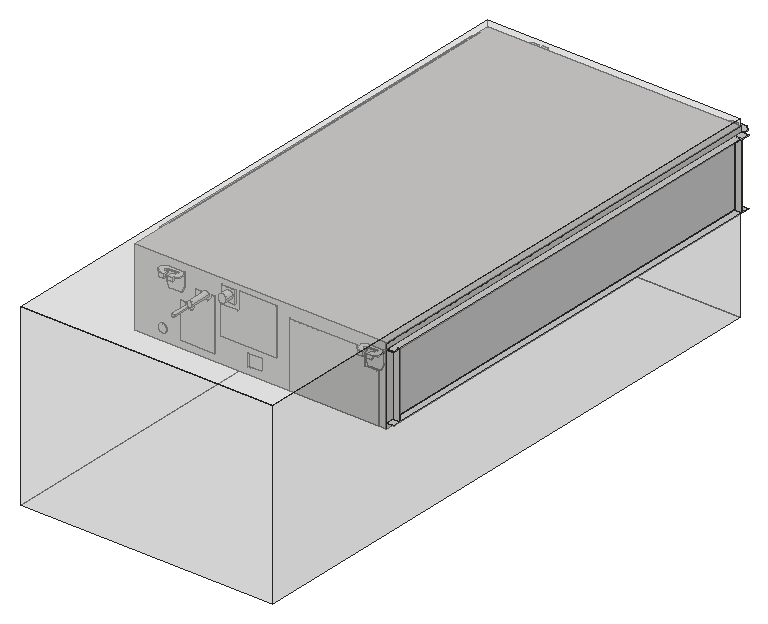
Revit family "outputfile", category 機械設備, Revit 2024
Family settings
  丸型コネクタ寸法 = 半径を使用
  パーツ タイプ = 標準
  OmniClass 番号 = 23.75.10.24.21.27.27
  OmniClass タイトル = Split System Air Conditioning Units
  作業面ベース = いいえ
  常に垂直 = はい
  ロード時にボイドで切り取り = いいえ
  注釈の向きを維持 = いいえ
  共有 = いいえ
  部屋計算ポイント = はい
Parameters (values of type "FBA36BV2S")
  Description = ""
  製造元 = "Daikin"
  書き出し IFC クラス(タイプ) = "IfcUnitaryEquipmentType"
  定義済み IFC タイプ(タイプ) = "AIRCONDITIONINGUNIT"
  Cost = 0
  モデル = "FBA36BV2S"
  Type Comments = ""
  Keynote = ""
  Type Image = (empty or 0)
  Assembly Code = ""
  switch_frequency = yes
  r_Liquid Pipe Size = Liquid Pipe Size / 2  # 4.75 mm
  r_Gas Pipe Size = Gas Pipe Size / 2  # 7.95 mm
  r_Drain Pipe Size = Drain Pipe Size / 2  # 12.5 mm
  lw_power = 770.0 mm  # constant formula
  lh_SA = 138.0 mm  # constant formula
  lw_SA = if(Depth = 550.0 mm, 225.0 mm, if(Depth = 700.0 mm, 300.0 mm, if(Depth = 1000.0 mm, 450.0 mm, if(Depth = 1400.0 mm, 650.0 mm, 725.0 mm))))  # 650.0 mm
  lw_RA = if(Depth = 550.0 mm, 275.0 mm, if(Depth = 700.0 mm, 349.0 mm, if(Depth = 1000.0 mm, 499.0 mm, if(Depth = 1400.0 mm, 699.0 mm, 775.0 mm))))  # 699.0 mm
  lh_power = 60.0 mm + [h***]  # 60.0 mm
  lh_mountinghole1 = lh_mountinghole + [h***]  # 222.0 mm
  lh_RA = 123.0 mm  # constant formula
  ld_power = Depth / 2  # 700.0 mm
  connector_voltage = Voltage_50Hz  # 220 V
  connector_powerinput = [Power Input (Cooling)]  # 3.250 kW
  connector_phase = Phase_50Hz  # 1
  Voltage_comment_50Hz = "220 - 240"
  Voltage_50Hz = 220 V
  URL = ""
  Supply Air Direction [instance] = yes
  Sound Power Level_H speed (dB) = 0
  Phase_50Hz = 1
  Minimum External Static Pressure = 50.00 Pa
  Minimum Circuit Amps_50Hz = 2.3 A
  Maximum Fuse Amps_50Hz = 16.0 A
  Maximum External Static Pressure = 150.00 Pa
  Material_Casing = DAIKIN_GalvanizedSteel_Casing_indoorunit
  lw_mountinghole = 630.0 mm  # constant formula
  lh_gaspipe = 183.0 mm + [h***]  # 183.0 mm
  lh_mountinghole = 222.0 mm  # constant formula
  lh_liquidpipe = 136.0 mm + [h***]  # 136.0 mm
  lh_drainpipe = 207.0 mm + [h***]  # 207.0 mm
  lh_antena = Height - lh_mountinghole + 1.0 mm  # 24.0 mm
  ld_drainpipe = Depth / 2 + 26.0 mm  # 726.0 mm
  ld_liquidpipe = Depth / 2 + 69.0 mm  # 769.0 mm
  ld_gaspipe = Depth / 2 + 65.0 mm  # 765.0 mm
  ld_mountinghole = Depth + 38.0 mm  # 1438.0 mm
  h*** = 0.0 mm  # constant formula
  lw_liquidpipe = 179.0 mm  # constant formula
  lw_gaspipe = 229.0 mm  # constant formula
  lw_drainpipe = 300.0 mm  # constant formula
  Width = 800.0 mm
  Version = "ver.1.0"
  Unit Type = "M.S.P. Duct"
  Unit Mass Weight = 47.00 kg
  Unit Designation [instance] = ""
  Uniclass2015Version = "Products v1.30"
  Uniclass2015Title = "Split coil room air conditioning units"
  Uniclass2015Code = "Pr_70_65_03_86"
  Total Cooling Capacity [instance] = 0.000 kW
  Sound Pressure Level_M speed (dBA) = 35.5
  Sound Pressure Level_L speed (dBA) = 33
  Sound Pressure Level_H speed (dBA) = 38
  Series = "SkyAir_Fan Coil Unit"
  Sensible Cooling Capacity [instance] = 0.000 kW
  SA Duct Size Width = 1192.0 mm
  SA Duct Size Height = 176.0 mm
  Refrigerant Type = "R32"
  RA Duct Size Width = 1352.0 mm
  RA Duct Size Height = 208.0 mm
  Power Input (Cooling) = 3.250 kW
  Option Accessory 3 [instance] = ""
  Option Accessory 2 [instance] = ""
  Option Accessory 1 [instance] = ""
  Nominal Cooling Capacity = 10.600 kW
  Minimum Airflow = 1350.00 m³/h
  Median Airflow = 1620.00 m³/h
  Maximum Airflow = 1920.00 m³/h
  Load Classification = HVAC
  Liquid Pipe Size = 9.5 mm
  Link_Nested Family [instance] = ""
  IfcVersion = ""
  IfcExportType = "AIRCONDITIONINGUNIT"
  IfcExportAs = "IfcUnitaryEquipmentType"
  Height = 245.0 mm
  Heat Exchanger Type = "Cross Fin Coil"
  Gas Pipe Size = 15.9 mm
  Frequency_50Hz = 50 Hz
  Fan Type = "Sirocco Fan"
  Fan Drive = "Direct Drive"
  FCU Tag No. [instance] = ""
  Drain Pipe Size = 25.0 mm
  Design Supply Airflow [instance] = 0.00 m³/h
  Design Return Airflow [instance] = 0.00 m³/h
  Design External Static Pressure [instance] = 0.00 Pa
  Depth = 1400.0 mm
  既定の高さ = 0.0 mm
  Cooling Entering Wet Bulb Temperature [instance] = 0.00 °C
  Cooling Entering Dry Bulb Temperature [instance] = 0.00 °C
  Cooling Ambient Wet Bulb Temperature [instance] = 0.00 °C
  Cooling Ambient Dry Bulb Temperature [instance] = 0.00 °C
  Clearance visibility [instance] = yes
  Clearance Top = 20.0 mm
  Clearance Right = 0.0 mm
  Clearance Rear = 0.0 mm
  Clearance Left = 0.0 mm
  Clearance Front = 450.0 mm
  Clearance Bottom = 300.0 mm
Reference planes
  plane 1 "Center (Front/Back)": y = 0
  plane 2 "h": z = 0
  plane 3 "Center (Left/Right)": x = 0
  plane 4 "Back": y = 700
  plane 5 "Front": y = -700
  plane 6 "Left": x = -400
  plane 7 "Right": x = 400
  plane 8 "Top": z = 0
  plane 9 "Bottom": z = -245
  plane 10: y = -215
  plane 11: y = 700
  plane 12: y = -1150
  plane 13: x = -400
  plane 14: x = 400
  plane 15: z = 20
  plane 16: z = -545
  plane 17: x = -400
  plane 18: x = -399
  plane 19: x = 399
  plane 20: y = 50
  plane 21: y = -1
  plane 22: z = -122
  plane 23: y = -701
  plane 24: z = -109
  plane 25: x = -221
  plane 26: y = -765
  plane 27: z = -62
  plane 28: x = -171
  plane 29: y = -726
  plane 30: z = -38
  plane 31: x = -100
  plane 32: x = -100
  plane 33: x = -221
  plane 34: x = -171
  plane 35: x = 370
  plane 36: x = -266
  plane 37: x = 364
  plane 38: y = -719
  plane 39: y = 719
  plane 40: z = -23
  plane 41: z = -107
  plane 42: y = -769
  plane 43: z = -207
  plane 44: x = -309
  plane 45: y = -376
  plane 46: x = -251
  plane 47: x = -203
  plane 48: x = -144
  plane 49: z = -59
  plane 50: z = -106
  plane 51: z = -221
  plane 52: z = -109
  plane 53: x = -221
  plane 54: z = -62
  plane 55: x = -171
  plane 56: z = -17
  plane 57: z = -59
  plane 58: x = -121
  plane 59: x = -79
  plane 60: x = -125
  plane 61: x = -64
  plane 62: x = 53
  plane 63: z = -164
  plane 64: z = -73
  plane 65: z = -16
  plane 66: x = 93.5
  plane 67: x = 374.5
  plane 68: x = 330
  plane 69: z = -88.5
  plane 70: z = -38
  plane 71: z = -242.5
  plane 72: x = -38.5
  plane 73: x = 6.5
  plane 74: z = -181
  plane 75: z = -221
  plane 76: y = -699
  plane 77: x = -424
  plane 78: x = 424
Forms (mm)
  Extrusion 1, solid, material "DAIKIN_GalvanizedSteel_Casing_indoorunit" <- "Material_Casing"
    sketch origin (0, 0, 0) x (1, 0, 0) y (0, 1, 0)
      loop
        line (-399, 700) -> (-399, -700) -> (399, -700) -> (399, 700) -> (-399, 700)
    from -245 to 0
  Extrusion 2, solid, material "DAIKIN_GalvanizedSteel_Casing_indoorunit" <- "Material_Casing"
    sketch origin (0, 0, 0) x (1, 0, 0) y (0, 0, 1)
      loop
        line (-251, -221) -> (-144, -221) -> (-144, -59) -> (-154.47, -59)
        arc (-154.47, -59) -> (-171, -78.8) -> (-187.53, -59) r 16.8
        line (-187.53, -59) -> (-203, -59) -> (-203, -106) -> (-206.916, -106)
        arc (-206.916, -106) -> (-221, -123.4) -> (-235.084, -106) r 14.4
        line (-235.084, -106) -> (-251, -106) -> (-251, -221)
    from 700 to 701
  Extrusion 3, solid, material "DAIKIN_GalvanizedSteel_Casing_indoorunit" <- "Material_Casing"
    sketch origin (0, 0, 0) x (1, 0, 0) y (0, 0, 1)
      loop
        line (-121, -17) -> (-121, -59) -> (-79, -59) -> (-79, -17) -> (-121, -17)
      loop
        line (-125, -73) -> (-125, -164) -> (53, -164) -> (53, -16) -> (-64, -16) -> (-64, -73) -> (-125, -73)
    from 700 to 701
  Extrusion 4, solid, material "DAIKIN_GalvanizedSteel_Casing_indoorunit" <- "Material_Casing"
    sketch origin (0, 0, 0) x (1, 0, 0) y (0, 0, 1)
      loop
        line (93.5, -38) -> (93.5, -242.5) -> (374.5, -242.5) -> (374.5, -88.5) -> (330, -88.5) -> (330, -38) -> (93.5, -38)
    from 700 to 701
  Extrusion 5, solid, material "DAIKIN_GalvanizedSteel_Casing_indoorunit" <- "Material_Casing"
    sketch origin (0, 0, 0) x (1, 0, 0) y (0, 0, 1)
      loop
        circle (-221, -109) r 4.75
    from 700 to 769
  Extrusion 6, solid, material "DAIKIN_GalvanizedSteel_Casing_indoorunit" <- "Material_Casing"
    sketch origin (0, 0, 0) x (1, 0, 0) y (0, 0, 1)
      loop
        circle (-171, -62) r 7.95
    from 700 to 765
  Extrusion 7, solid, material "DAIKIN_GalvanizedSteel_Casing_indoorunit" <- "Material_Casing"
    sketch origin (0, 0, 0) x (1, 0, 0) y (0, 0, 1)
      loop
        circle (-100, -38) r 12.5
    from 701 to 726
  Extrusion 8, solid, material "DAIKIN_GalvanizedSteel_Casing_indoorunit" <- "Material_Casing"
    sketch origin (0, 0, 0) x (1, 0, 0) y (0, 0, 1)
      loop
        circle (-309, -207) r 13
    from 700 to 526
  Extrusion 9, void
    sketch origin (0, 0, 0) x (1, 0, 0) y (0, 0, 1)
      loop
        line (-38.5, -181) -> (-38.5, -221) -> (6.5, -221) -> (6.5, -181) -> (-38.5, -181)
    from 699 to 700
Cuts and joins
  Extrusion 9 cuts Extrusion 1
Dimensions and locks
  "Height": plane 8 "Top" to plane 9 "Bottom"
  equal spacing: plane 4 "Back", plane 1 "Center (Front/Back)", plane 5 "Front"
  "Depth": plane 4 "Back" to plane 5 "Front"
  equal spacing: plane 6 "Left", plane 3 "Center (Left/Right)", plane 7 "Right"
  "Width": plane 6 "Left" to plane 7 "Right"
  "Clearance Left": plane 13 to plane 6 "Left"
  "Clearance Right": plane 7 "Right" to plane 14
  "Clearance Rear": plane 11 to plane 4 "Back"
  "Clearance Front": plane 5 "Front" to plane 12
  "Clearance Top": plane 15 to plane 8 "Top"
  "Clearance Bottom": plane 9 "Bottom" to plane 16
  locked: plane 17 to plane 18 at 1
  locked: plane 19 to plane 14 at 1
  "lw_SA": plane 11 to plane 20
  "lw_RA": plane 21 to plane 5 "Front"
  "lh_RA": plane 22 to plane 9 "Bottom"
  locked: plane 5 "Front" to plane 23 at 1
  "lw_liquidpipe": plane 25 to plane 6 "Left"
  "lh_liquidpipe": plane 24 to plane 9 "Bottom"
  "lh_gaspipe": plane 27 to plane 9 "Bottom"
  "lw_gaspipe": plane 28 to plane 6 "Left"
  "ld_gaspipe": plane 26 to plane 1 "Center (Front/Back)"
  "ld_drainpipe": plane 29 to plane 1 "Center (Front/Back)"
  "lh_drainpipe": plane 30 to plane 9 "Bottom"
  "lw_drainpipe": plane 31 to plane 6 "Left"
  "lw_drainpipe": plane 6 "Left" to plane 32
  "lw_liquidpipe": plane 6 "Left" to plane 33
  "lw_gaspipe": plane 6 "Left" to plane 34
  "lw_power": plane 6 "Left" to plane 35
  locked: plane 17 to plane 36 at 134
  "lw_mountinghole": plane 36 to plane 37
  equal spacing: plane 38, plane 1 "Center (Front/Back)", plane 39
  "ld_mountinghole": plane 39 to plane 38
  "lh_mountinghole": plane 40 to plane 9 "Bottom"
  "lh_SA": plane 41 to plane 9 "Bottom"
  locked: plane 44 to plane 6 "Left" at 91
  locked: plane 43 to plane 9 "Bottom" at 38
  plane 48 to plane 47 to plane 46 to plane 6 "Left" = 59.0 mm, 48.0 mm, 149.0 mm
  plane 8 "Top" to plane 49 to plane 50 to plane 51 = 59.0 mm locked, 47.0 mm locked, 115.0 mm locked
  plane 55 to plane 53 to plane 6 "Left" = 50.0 mm locked, 179.0 mm locked
  plane 54 to plane 52 to plane 9 "Bottom" = 47.0 mm locked, 136.0 mm locked
  plane 59 to plane 58 to plane 6 "Left" = 42.0 mm locked, 279.0 mm locked
  plane 8 "Top" to plane 56 to plane 57 = 17.0 mm locked, 42.0 mm locked
  plane 62 to plane 61 to plane 60 to plane 6 "Left" = 117.0 mm, 61.0 mm, 275.0 mm
  plane 8 "Top" to plane 65 to plane 64 = 16.0 mm locked, 57.0 mm locked
  locked: plane 65 to plane 63 at 148
  plane 8 "Top" to plane 70 to plane 69 to plane 71 = 38.0 mm locked, 50.5 mm locked, 154.0 mm locked
  plane 67 to plane 68 to plane 66 to plane 6 "Left" = 44.5 mm locked, 236.5 mm locked, 493.5 mm locked
  plane 8 "Top" to plane 74 to plane 75 = 181.0 mm locked, 40.0 mm locked
  plane 73 to plane 72 to plane 6 "Left" = 45.0 mm, 361.5 mm
  locked: plane 76 to plane 5 "Front" at 1
  locked: plane 77 to plane 17 at 24
  locked: plane 14 to plane 78 at 24
  "ld_liquidpipe": plane 42 to plane 1 "Center (Front/Back)"
  "r_Liquid Pipe Size": radius of Extrusion 5 sketch curve
  "r_Gas Pipe Size": radius of Extrusion 6 sketch curve
  "r_Drain Pipe Size": radius of Extrusion 7 sketch curve
  aligned and locked: level to plane 2 "h"
  aligned and locked: plane 8 "Top" to Extrusion 1
  aligned and locked: Extrusion 1 to plane 9 "Bottom"
  aligned and locked: nested 5 to plane 12
  aligned and locked: plane 13 to nested 5
  aligned and locked: plane 14 to nested 5
  aligned and locked: nested 5 to plane 13
  aligned and locked: plane 11 to nested 5
  aligned and locked: plane 15 to nested 5
  aligned and locked: plane 16 to nested 5
  aligned and locked: plane 5 "Front" to Extrusion 1 sketch curve
  aligned and locked: Extrusion 1 to plane 18
  aligned and locked: plane 19 to Extrusion 1
  aligned and locked: nested 7 to plane 18
  aligned and locked: nested 7 to plane 20
  aligned and locked: plane 19 to nested 8
  aligned and locked: plane 21 to nested 8
  aligned and locked: plane 22 to nested 8
  aligned and locked: Extrusion 2 to plane 23
  aligned and locked: plane 5 "Front" to Extrusion 2
  aligned and locked: Extrusion 3 to plane 23
  aligned and locked: plane 5 "Front" to Extrusion 3
  aligned and locked: plane 5 "Front" to Extrusion 4
  aligned and locked: Extrusion 5 sketch curve to plane 25
  aligned and locked: plane 24 to Extrusion 5 sketch curve
  aligned and locked: plane 5 "Front" to Extrusion 5
  aligned and locked: Extrusion 6 sketch curve to plane 28
  aligned and locked: plane 27 to Extrusion 6 sketch curve
  aligned and locked: plane 5 "Front" to Extrusion 6
  aligned and locked: Extrusion 7 sketch curve to plane 31
  aligned and locked: Extrusion 7 sketch curve to plane 30
  aligned and locked: Extrusion 7 to plane 29
  aligned and locked: plane 23 to Extrusion 7
  aligned and locked: nested 3 to plane 29
  aligned and locked: nested 3 to plane 32
  aligned and locked: nested 2 to plane 33
  aligned and locked: nested 1 to plane 34
  aligned and locked: Extrusion 6 to plane 26
  aligned and locked: nested 1 to plane 26
  aligned and locked: nested 6 to plane 5 "Front"
  aligned and locked: nested 6 to plane 35
  aligned and locked: plane 36 to nested 10
  aligned and locked: nested 10 to plane 5 "Front"
  aligned and locked: plane 37 to nested 9
  aligned and locked: nested 9 to plane 5 "Front"
  aligned and locked: nested 11 to plane 36
  aligned and locked: plane 4 "Back" to nested 11
  aligned and locked: nested 12 to plane 37
  aligned and locked: plane 4 "Back" to nested 12
  aligned and locked: plane 40 to nested 10
  aligned and locked: plane 40 to nested 11
  aligned and locked: plane 40 to nested 9
  aligned and locked: plane 40 to nested 12
  aligned and locked: plane 36 to nested 14
  aligned and locked: nested 14 to plane 39
  aligned and locked: plane 37 to nested 13
  aligned and locked: nested 13 to plane 39
  aligned and locked: plane 37 to nested 16
  aligned and locked: plane 38 to nested 16
  aligned and locked: plane 38 to nested 15
  aligned and locked: plane 36 to nested 15
  aligned and locked: plane 17 to plane 6 "Left"
  aligned and locked: plane 41 to nested 7
  aligned and locked: Extrusion 5 to plane 42
  aligned and locked: nested 2 to plane 42
  aligned and locked: Extrusion 8 sketch curve to plane 44
  aligned and locked: plane 43 to Extrusion 8 sketch curve
  aligned and locked: plane 5 "Front" to Extrusion 8
  aligned and locked: Extrusion 3 sketch curve to plane 56
  aligned and locked: Extrusion 3 sketch curve to plane 58
  aligned and locked: plane 57 to Extrusion 3 sketch curve
  aligned and locked: plane 59 to Extrusion 3 sketch curve
  aligned and locked: Extrusion 4 to plane 23
  aligned and locked: Extrusion 9 sketch curve to plane 74
  aligned and locked: plane 75 to Extrusion 9 sketch curve
  aligned and locked: plane 73 to Extrusion 9 sketch curve
  aligned and locked: plane 5 "Front" to Extrusion 9
  aligned and locked: plane 76 to Extrusion 9
  aligned and locked: nested 17 to plane 20
  aligned and locked: nested 17 to plane 77
  aligned and locked: plane 21 to nested 18
  aligned and locked: plane 78 to nested 18
  aligned and locked: plane 41 to nested 17
  aligned and locked: nested 18 to plane 22
  aligned and locked: nested 4 to plane 3 "Center (Left/Right)"
  aligned and locked: plane 1 "Center (Front/Back)" to nested 4
  aligned and locked: level to plane 8 "Top"
Automatic sketch dimensions
  plane 6 "Left" to Extrusion 1 sketch curve = 1.0 mm
  Extrusion 1 sketch curve to plane 7 "Right" = 1.0 mm
  Extrusion 1 sketch curve to plane 4 "Back" = 0.0 mm
  Extrusion 2 sketch curve to plane 46 = 0.0 mm
  Extrusion 2 sketch curve to plane 33 = 0.0 mm
  Extrusion 2 sketch curve to plane 47 = 0.0 mm
  Extrusion 2 sketch curve to plane 34 = 0.0 mm
  Extrusion 2 sketch curve to plane 48 = 0.0 mm
  Extrusion 2 sketch curve to plane 51 = 0.0 mm
  Extrusion 2 sketch curve to plane 52 = 0.0 mm
  Extrusion 2 sketch curve to plane 50 = 0.0 mm  (x3)
  Extrusion 2 sketch curve to plane 54 = 0.0 mm
  Extrusion 2 sketch curve to plane 49 = 0.0 mm  (x3)
  plane 33 to Extrusion 2 sketch curve = 14.084 mm
  plane 34 to Extrusion 2 sketch curve = 16.53 mm
  Extrusion 3 sketch curve to plane 60 = 0.0 mm
  Extrusion 3 sketch curve to plane 61 = 0.0 mm
  Extrusion 3 sketch curve to plane 62 = 0.0 mm
  Extrusion 3 sketch curve to plane 63 = 0.0 mm
  Extrusion 3 sketch curve to plane 64 = 0.0 mm
  Extrusion 3 sketch curve to plane 65 = 0.0 mm
  Extrusion 4 sketch curve to plane 66 = 0.0 mm
  Extrusion 4 sketch curve to plane 68 = 0.0 mm
  Extrusion 4 sketch curve to plane 67 = 0.0 mm
  Extrusion 4 sketch curve to plane 71 = 0.0 mm
  Extrusion 4 sketch curve to plane 69 = 0.0 mm
  Extrusion 4 sketch curve to plane 70 = 0.0 mm
  Extrusion 9 sketch curve to plane 72 = 0.0 mm
  radius of Extrusion 8 sketch curve = 13.0 mm
Nested families
  nested 1: "daikin_connector_rotate2" at (-171, 0, -62), length <- "ld_gaspipe", built-in parameter 1001364 <- "lh_gaspipe", radius <- "r_Gas Pipe Size", type "daikin_connector_rotate2"
    with radius 7.95 mm, length 765.0 mm, angle_vertical 90.00°
  nested 2: "daikin_connector_rotate2" at (-221, 0, -109), length <- "ld_liquidpipe", built-in parameter 1001364 <- "lh_liquidpipe", radius <- "r_Liquid Pipe Size", type "daikin_connector_rotate2"
    with radius 4.75 mm, length 769.0 mm, angle_vertical 90.00°
  nested 3: "daikin_connector_rotate2" at (-100, 0, -38), length <- "ld_drainpipe", built-in parameter 1001364 <- "lh_drainpipe", radius <- "r_Drain Pipe Size", type "daikin_connector_rotate2"
    with radius 12.5 mm, length 726.0 mm, angle_vertical 90.00°
  nested 4: "daikin_△_symbolicline" at (0, 0, 245) x (0, -1, 0) z (0, 0, 1), built-in parameter 1001364 <- "Height", visible <- "Supply Air Direction", type "daikin_△_symbolicline"
    with length 200.0 mm
  nested 5: "daikin_clearancespace" at (0, -225, -262.381), visible <- "Clearance visibility", show <- "Clearance visibility", Link_Nested Family <- "Link_Nested Family", type "daikin_clearancespace"
    with width 800.0 mm, show yes, height 565.0 mm, depth 1850.0 mm, Link_Nested Family ""
  nested 6: "daikin_connector_rotate2" at (370, 0, -185), built-in parameter 1001364 <- "lh_power", length <- "ld_power", type "daikin_connector_rotate2"
    with radius 10.0 mm, length 700.0 mm, angle_vertical 90.00°
  nested 7: "daikin_ductflange_FBA-BV2S2" at (-399, 50, -107) x (0, -1, 0) z (0, 0, 1), type "daikin_ductflange_FBA-BV2S2"
  nested 8: "daikin_ductflange_FBA-BV2S" at (399, -1, -122) x (0, 1, 0) z (0, 0, 1), type "daikin_ductflange_FBA-BV2S"
    with width 1352.0 mm, lw 25.0 mm, w 1400.0 mm
  nested 9: "daikin_hangerfixture_FBA-BV2S" at (364, -700, -23), type "daikin_hangerfixture_FBA-BV2S"
  nested 10: "daikin_hangerfixture_FBA-BV2S" at (-266, -700, -23), type "daikin_hangerfixture_FBA-BV2S"
  nested 11: "daikin_hangerfixture_FBA-BV2S" at (-266, 700, -23) x (-1, 0, 0) z (0, 0, 1), type "daikin_hangerfixture_FBA-BV2S"
  nested 12: "daikin_hangerfixture_FBA-BV2S" at (364, 700, -23) x (-1, 0, 0) z (0, 0, 1), type "daikin_hangerfixture_FBA-BV2S"
  nested 13: "daikin_mountinghole" at (364, 719, -245), h_mountinghole <- "lh_mountinghole1", l_antenna <- "lh_antena", Link_Nested Family <- "Link_Nested Family", type "daikin_mountinghole"
    with show yes, l_antenna 24.0 mm, h_mountinghole 222.0 mm, Link_Nested Family ""
  nested 14: "daikin_mountinghole" at (-266, 719, -245), h_mountinghole <- "lh_mountinghole1", l_antenna <- "lh_antena", Link_Nested Family <- "Link_Nested Family", type "daikin_mountinghole"
    with show yes, l_antenna 24.0 mm, h_mountinghole 222.0 mm, Link_Nested Family ""
  nested 15: "daikin_mountinghole" at (-266, -719, -245), h_mountinghole <- "lh_mountinghole1", l_antenna <- "lh_antena", Link_Nested Family <- "Link_Nested Family", type "daikin_mountinghole"
    with show yes, l_antenna 24.0 mm, h_mountinghole 222.0 mm, Link_Nested Family ""
  nested 16: "daikin_mountinghole" at (364, -719, -245), h_mountinghole <- "lh_mountinghole1", l_antenna <- "lh_antena", Link_Nested Family <- "Link_Nested Family", type "daikin_mountinghole"
    with show yes, l_antenna 24.0 mm, h_mountinghole 222.0 mm, Link_Nested Family ""
  nested 17: "daikin_connector_rotate2" at (-400, 50, -107) x (0, -1, 0) z (0, 0, 1), type "daikin_connector_rotate2"
    with radius 10.0 mm, length 24.0 mm, angle_vertical 90.00°
  nested 18: "daikin_connector_rotate2" at (400, -1, -122) x (0, 1, 0) z (0, 0, 1), type "daikin_connector_rotate2"
    with radius 10.0 mm, length 24.0 mm, angle_vertical 90.00°
Connectors
  piping at (-100, -726, -38), diameter 25, driven by "r_Drain Pipe Size"
    settings: on nested 3, index 3, connector inside diameter 609.6 mm, connector length 0.0 mm, flow factor 0, pipe flow 0.00 m³/h, pressure drop 0.0 Pa, fitting loss kfactor 0, connector angle 0.00°, fixture units 0, engagement length 0.0 mm, angle of deflection 0.00°, flow configuration 1, flow direction 2, fitting loss method 4, system type 16, joint type 0, gender type 0, connector reference index -1, connector utility 0, adjustable connector no, is connector primary yes, connector description "Condensate Drain Piping"
  piping at (-171, -765, -62), diameter 15.9, driven by "r_Gas Pipe Size"
    settings: on nested 1, index 4, connector inside diameter 609.6 mm, connector length 0.0 mm, flow factor 0, pipe flow 0.00 m³/h, pressure drop 0.0 Pa, fitting loss kfactor 0, connector angle 0.00°, fixture units 0, engagement length 0.0 mm, angle of deflection 0.00°, flow configuration 1, flow direction 2, fitting loss method 0, system type 29, joint type 0, gender type 0, connector reference index -1, connector utility 0, adjustable connector no, is connector primary no, connector description "Refrigerant Gas Piping"
  piping at (-221, -769, -109), diameter 9.5, driven by "r_Liquid Pipe Size"
    settings: on nested 2, index 5, connector inside diameter 609.6 mm, connector length 0.0 mm, flow factor 0, pipe flow 0.00 m³/h, pressure drop 0.0 Pa, fitting loss kfactor 0, connector angle 0.00°, fixture units 0, engagement length 0.0 mm, angle of deflection 0.00°, flow configuration 1, flow direction 1, fitting loss method 0, system type 29, joint type 0, gender type 0, connector reference index -1, connector utility 0, adjustable connector no, is connector primary no, connector description "Refrigerant Liquid Piping"
  electrical at (370, -700, -185), driven by "Load Classification", driven by "connector_voltage", driven by "connector_phase", driven by "connector_powerinput"
    settings: on nested 6, index 6, voltage 220 V, apparent load 3250 VA, apparent load phase1 0 VA, apparent load phase2 0 VA, apparent load phase3 0 VA, power factor 1, load classification "HVAC", number of poles 1, system type 30, power factor state 1, is connector primary yes, connector utility no, sub classification motor no, connector description "Power Supply"
  hvac at (-424, 50, -107), driven by "SA Duct Size Height", driven by "SA Duct Size Width"
    settings: on nested 17, index 7, duct flow 0.00 m³/h, flow factor 0, pres drop 0.00 Pa, loss coef 0, conn angle 0.00°, conn width 1192.0 mm, conn height 176.0 mm, conn diameter 609.6 mm, duct sys type 1, conn prof type 1, flow config 0, flow direction 2, loss method 4, conn ref index -1, conn util no, is conn primary yes, conn desc "SA Duct"
  hvac at (424, -1, -122), driven by "RA Duct Size Height", driven by "RA Duct Size Width"
    settings: on nested 18, index 8, duct flow 0.00 m³/h, flow factor 0, pres drop 0.00 Pa, loss coef 0, conn angle 0.00°, conn width 1352.0 mm, conn height 208.0 mm, conn diameter 609.6 mm, duct sys type 2, conn prof type 1, flow config 0, flow direction 1, loss method 4, conn ref index -1, conn util no, is conn primary no, conn desc "RA Duct"
Definition of nested family "daikin_clearancespace"
  Parameters (values of type "daikin_clearancespace")
    Description = "daikin_clearancespace"
    width [instance] = 1823.963 mm
    show [instance] = yes
    material = none
    height [instance] = 1359.762 mm
    depth [instance] = 880.0 mm
    Default Elevation = 0.0 mm
    Link_Nested Family [instance] = ""
  Reference planes
    plane 1 "Center (Front/Back)": y = 0
    plane 2 "Center (Elevation)": z = -0.119
    plane 3 "Center (Left/Right)": x = 0
    plane 4: y = 440
    plane 5: y = -440
    plane 6 "Right": x = 911.982
    plane 7 "Left": x = -911.982
    plane 8 "Top": z = 679.762
    plane 9 "Bottom": z = -680
  Forms (mm)
    Extrusion 1, solid, material <- "material", visible <- "show"
      sketch origin (0, 0, 0) x (1, 0, 0) y (0, 1, 0)
        loop
          line (-911.982, 440) -> (-911.982, -440) -> (911.982, -440) -> (911.982, 440) -> (-911.982, 440)
      from -680 to 679.762
  Lines and regions (mm)
    symbolic lines, visible <- "show"
      curve 1: line (911.982, 440, 0) -> (-911.982, 440, 0)
      curve 2: line (-911.982, 440, 0) -> (-911.982, -440, 0)
      curve 3: line (-911.982, -440, 0) -> (911.982, -440, 0)
      curve 4: line (911.982, -440, 0) -> (911.982, 440, 0)
      curve 5: line (911.982, 0, 679.762) -> (-911.982, 0, 679.762)
      curve 6: line (911.982, 0, -680) -> (911.982, 0, 679.762)
      curve 7: line (-911.982, 0, -680) -> (911.982, 0, -680)
      curve 8: line (-911.982, 0, 679.762) -> (-911.982, 0, -680)
      curve 9: line (0, 440, 679.762) -> (0, -440, 679.762)
      curve 10: line (0, -440, 679.762) -> (0, -440, -680)
      curve 11: line (0, 440, -680) -> (0, 440, 679.762)
      curve 12: line (0, -440, -680) -> (0, 440, -680)
  Dimensions and locks
    "width": plane 7 "Left" to plane 6 "Right"
    "depth": plane 4 to plane 5
    "height": plane 8 "Top" to plane 9 "Bottom"
    equal spacing: plane 7 "Left", plane 3 "Center (Left/Right)", plane 6 "Right"
    equal spacing: plane 4, plane 1 "Center (Front/Back)", plane 5
    equal spacing: plane 8 "Top", plane 2 "Center (Elevation)", plane 9 "Bottom"
    aligned and locked: level to plane 2 "Center (Elevation)"
    aligned and locked: Extrusion 1 sketch curve to plane 4
    aligned and locked: plane 7 "Left" to Extrusion 1 sketch curve
    aligned and locked: Extrusion 1 sketch curve to plane 5
    aligned and locked: Extrusion 1 sketch curve to plane 6 "Right"
    aligned and locked: plane 8 "Top" to Extrusion 1
    aligned and locked: curve 1 to Extrusion 1
    aligned and locked: curve 2 to Extrusion 1
    aligned and locked: curve 3 to Extrusion 1
    aligned and locked: curve 4 to Extrusion 1
    aligned and locked: curve 5 to Extrusion 1
    aligned and locked: curve 6 to Extrusion 1
    aligned and locked: curve 7 to Extrusion 1
    aligned and locked: curve 8 to Extrusion 1
    aligned and locked: curve 9 to Extrusion 1
    aligned and locked: curve 10 to Extrusion 1
    aligned and locked: curve 11 to Extrusion 1
    aligned and locked: curve 12 to Extrusion 1
    aligned and locked: Extrusion 1 to plane 9 "Bottom"
Definition of nested family "daikin_ductflange_FBA-BV2S2"
  Parameters (values of type "daikin_ductflange_FBFC-DVMG2")
    width = if(w = 550.0 mm, 337.0 mm, if(w = 700.0 mm, 492.0 mm, if(w = 1000.0 mm, 792.0 mm, if(w = 1400.0 mm, 1192.0 mm, 1337.0 mm))))  # 1192.0 mm
    material = none
    height = 215.0 mm
    depth = 1.0 mm
    w = 1400.0 mm
    Default Elevation = 0.0 mm
  Reference planes
    plane 1 "Center (Front/Back)": y = 0
    plane 2: z = 0
    plane 3 "Center (Left/Right)": x = 0
    plane 4: z = 88
    plane 5: z = -88
    plane 6: y = -25
    plane 7: z = 106
    plane 8: z = 89
    plane 9: y = -1
    plane 10: x = -617.5
    plane 11: x = 617.5
    plane 12: z = -106
    plane 13: z = -89
    plane 14: y = -1
    plane 15: x = 596
    plane 16: x = -596
    plane 17: x = 597
    plane 18: z = 87
    plane 19: z = -87
    plane 20: x = -597
    plane 21: z = 87
    plane 22: z = -87
    plane 23: y = -1
  Forms (mm)
    Extrusion 1, solid, material <- "material"
      sketch origin (0, 0, 0) x (0, 1, 0) y (0, 0, 1)
        loop
          line (-25, 88) -> (0, 88) -> (0, 106) -> (-1, 106) -> (-1, 89) -> (-25, 89) -> (-25, 88)
      from -617.5 to 617.5
    Extrusion 2, solid, material <- "material"
      sketch origin (0, 0, 0) x (0, 1, 0) y (0, 0, 1)
        loop
          line (-25, -88) -> (-25, -89) -> (-1, -89) -> (-1, -106) -> (0, -106) -> (0, -88) -> (-25, -88)
      from -617.5 to 617.5
    Extrusion 3, solid, material <- "material"
      sketch origin (0, 0, 0) x (1, 0, 0) y (0, 0, 1)
        loop
          line (596, 88) -> (596, -88) -> (617.5, -88) -> (617.5, -87) -> (597, -87) -> (597, 87) -> (617.5, 87) -> (617.5, 88) -> (596, 88)
      from 0 to 25
    Extrusion 4, solid, material <- "material"
      sketch origin (0, 0, 0) x (1, 0, 0) y (0, 0, 1)
        loop
          line (-617.5, 88) -> (-617.5, 87) -> (-597, 87) -> (-597, -87) -> (-617.5, -87) -> (-617.5, -88) -> (-596, -88) -> (-596, 88) -> (-617.5, 88)
      from 0 to 25
    Extrusion 5, solid, material <- "material"
      sketch origin (0, 0, 0) x (1, 0, 0) y (0, 0, 1)
        loop
          line (-617.5, 88) -> (-617.5, -88) -> (-596, -88) -> (-596, 88) -> (-617.5, 88)
        loop
          line (617.5, 88) -> (596, 88) -> (596, -88) -> (617.5, -88) -> (617.5, 88)
      from 0 to 1
  Cuts and joins
    joined: Extrusion 1, Extrusion 2, Extrusion 3, Extrusion 4, Extrusion 5
  Dimensions and locks
    plane 4 to level to plane 5 = 88.0 mm, 88.0 mm
    locked: plane 6 to plane 1 "Center (Front/Back)" at 25
    locked: plane 9 to plane 1 "Center (Front/Back)" at 1
    locked: plane 8 to plane 4 at 1
    locked: plane 16 to plane 10 at 21.5
    locked: plane 17 to plane 15 at 1
    locked: plane 4 to plane 18 at 1
    locked: plane 19 to plane 5 at 1
    "width": plane 15 to plane 16
    plane 4 to plane 5 = 176.0 mm
    locked: plane 16 to plane 20 at 1
    locked: plane 4 to plane 21 at 1
    locked: plane 22 to plane 5 at 1
    locked: plane 23 to plane 1 "Center (Front/Back)" at 1
    plane 4 to level to plane 5 = 88.0 mm locked, 88.0 mm locked
    locked: plane 5 to plane 13 at 1
    locked: plane 5 to plane 12 at 18
    locked: plane 7 to plane 4 at 18
    equal spacing: plane 15, plane 3 "Center (Left/Right)", plane 16
    locked: plane 11 to plane 15 at 21.5
    plane 11 to plane 10 = 1235.0 mm
    aligned and locked: level to plane 2
    aligned and locked: Extrusion 1 to plane 10
    aligned and locked: plane 11 to Extrusion 1
    aligned and locked: plane 5 to Extrusion 2
    aligned and locked: Extrusion 2 to plane 1 "Center (Front/Back)"
    aligned and locked: plane 15 to Extrusion 3 sketch curve
    aligned and locked: Extrusion 3 sketch curve to Extrusion 2  (x2)
    aligned and locked: Extrusion 3 sketch curve to plane 11
    aligned and locked: plane 6 to Extrusion 3
    aligned and locked: Extrusion 2 to plane 10
    aligned and locked: plane 11 to Extrusion 2
    aligned and locked: Extrusion 4 sketch curve to Extrusion 1  (x2)
    aligned and locked: plane 5 to Extrusion 4 sketch curve
    aligned and locked: Extrusion 4 sketch curve to plane 16
    aligned and locked: Extrusion 4 sketch curve to plane 22
    aligned and locked: plane 20 to Extrusion 4 sketch curve
    aligned and locked: plane 21 to Extrusion 4 sketch curve
    aligned and locked: Extrusion 4 to plane 1 "Center (Front/Back)"
    aligned and locked: plane 6 to Extrusion 4
    aligned and locked: Extrusion 5 sketch curve to Extrusion 1  (x4)
    aligned and locked: Extrusion 5 sketch curve to Extrusion 4  (x2)
    aligned and locked: Extrusion 5 sketch curve to Extrusion 3  (x2)
    aligned and locked: Extrusion 5 to plane 1 "Center (Front/Back)"
    aligned and locked: plane 23 to Extrusion 5
  Automatic sketch dimensions
    Extrusion 1 sketch curve to plane 6 = 0.0 mm
    Extrusion 1 sketch curve to plane 7 = 0.0 mm
    Extrusion 1 sketch curve to plane 9 = 0.0 mm
    Extrusion 1 sketch curve to plane 1 "Center (Front/Back)" = 0.0 mm
    Extrusion 1 sketch curve to plane 4 = 0.0 mm
    Extrusion 1 sketch curve to plane 8 = 0.0 mm
    Extrusion 2 sketch curve to plane 6 = 0.0 mm
    plane 12 to Extrusion 2 sketch curve = 0.0 mm
    Extrusion 2 sketch curve to plane 14 = 0.0 mm
    Extrusion 2 sketch curve to plane 1 "Center (Front/Back)" = 0.0 mm
    plane 13 to Extrusion 2 sketch curve = 0.0 mm
    Extrusion 2 sketch curve to plane 5 = 0.0 mm
    Extrusion 3 sketch curve to plane 17 = 0.0 mm
    Extrusion 3 sketch curve to plane 19 = 0.0 mm
    Extrusion 3 sketch curve to plane 18 = 0.0 mm
    Extrusion 3 sketch curve to plane 4 = 0.0 mm
    Extrusion 4 sketch curve to plane 10 = 0.0 mm
Definition of nested family "daikin_ductflange_FBA-BV2S"
  Parameters (values of type "daikin_ductflange_FBFC-DVMG")
    width = if(w = 550.0 mm, 502.0 mm, if(w = 700.0 mm, 654.0 mm, if(w = 1000.0 mm, 952.0 mm, if(w = 1400.0 mm, 1352.0 mm, 1502.0 mm))))  # 654.0 mm
    material = none
    lw = if(width = 654.0 mm, 23.0 mm, 25.0 mm)  # 23.0 mm
    height = 208.0 mm
    depth = 1.0 mm
    w = 700.0 mm
    Default Elevation = 0.0 mm
  Reference planes
    plane 1 "Center (Front/Back)": y = 0
    plane 2: z = 0
    plane 3 "Center (Left/Right)": x = 0
    plane 4: z = 104
    plane 5: z = -104
    plane 6: y = -25
    plane 7: z = 121
    plane 8: z = 105
    plane 9: y = -1
    plane 10: x = -350
    plane 11: x = 350
    plane 12: z = -122
    plane 13: z = -105
    plane 14: y = -1
    plane 15: x = 327
    plane 16: x = -327
    plane 17: x = 328
    plane 18: z = 103
    plane 19: z = -103
    plane 20: x = -328
    plane 21: z = 103
    plane 22: z = -103
    plane 23: y = -1
  Forms (mm)
    Extrusion 1, solid, material <- "material"
      sketch origin (0, 0, 0) x (0, 1, 0) y (0, 0, 1)
        loop
          line (-25, 104) -> (0, 104) -> (0, 121) -> (-1, 121) -> (-1, 105) -> (-25, 105) -> (-25, 104)
      from -350 to 350
    Extrusion 2, solid, material <- "material"
      sketch origin (0, 0, 0) x (0, 1, 0) y (0, 0, 1)
        loop
          line (-25, -104) -> (-25, -105) -> (-1, -105) -> (-1, -122) -> (0, -122) -> (0, -104) -> (-25, -104)
      from -350 to 350
    Extrusion 3, solid, material <- "material"
      sketch origin (0, 0, 0) x (1, 0, 0) y (0, 0, 1)
        loop
          line (327, 104) -> (327, -104) -> (350, -104) -> (350, -103) -> (328, -103) -> (328, 103) -> (350, 103) -> (350, 104) -> (327, 104)
      from 0 to 25
    Extrusion 4, solid, material <- "material"
      sketch origin (0, 0, 0) x (1, 0, 0) y (0, 0, 1)
        loop
          line (-350, 104) -> (-350, 103) -> (-328, 103) -> (-328, -103) -> (-350, -103) -> (-350, -104) -> (-327, -104) -> (-327, 104) -> (-350, 104)
      from 0 to 25
    Extrusion 5, solid, material <- "material"
      sketch origin (0, 0, 0) x (1, 0, 0) y (0, 0, 1)
        loop
          line (-350, 104) -> (-350, -104) -> (-327, -104) -> (-327, 104) -> (-350, 104)
        loop
          line (350, 104) -> (327, 104) -> (327, -104) -> (350, -104) -> (350, 104)
      from 0 to 1
  Cuts and joins
    joined: Extrusion 1, Extrusion 2, Extrusion 3, Extrusion 4, Extrusion 5
  Dimensions and locks
    plane 4 to level to plane 5 = 104.0 mm, 104.0 mm
    locked: plane 6 to plane 1 "Center (Front/Back)" at 25
    locked: plane 9 to plane 1 "Center (Front/Back)" at 1
    locked: plane 8 to plane 4 at 1
    "lw": plane 11 to plane 15
    "lw": plane 16 to plane 10
    locked: plane 17 to plane 15 at 1
    locked: plane 4 to plane 18 at 1
    locked: plane 19 to plane 5 at 1
    "width": plane 15 to plane 16
    equal spacing: plane 15, plane 3 "Center (Left/Right)", plane 16
    locked: plane 16 to plane 20 at 1
    locked: plane 4 to plane 21 at 1
    locked: plane 22 to plane 5 at 1
    locked: plane 23 to plane 1 "Center (Front/Back)" at 1
    locked: plane 7 to plane 4 at 17
    locked: plane 1 "Center (Front/Back)" to plane 14 at 1
    locked: plane 5 to plane 13 at 1
    "height": plane 4 to plane 5
    plane 11 to plane 10 = 700.0 mm
    locked: plane 12 to plane 13 at 17
    equal spacing: plane 4, level, plane 5
    aligned and locked: level to plane 2
    aligned and locked: Extrusion 1 to plane 10
    aligned and locked: plane 11 to Extrusion 1
    aligned and locked: plane 5 to Extrusion 2
    aligned and locked: Extrusion 2 to plane 1 "Center (Front/Back)"
    aligned and locked: plane 15 to Extrusion 3 sketch curve
    aligned and locked: Extrusion 3 sketch curve to Extrusion 2  (x2)
    aligned and locked: Extrusion 3 sketch curve to plane 11
    aligned and locked: plane 6 to Extrusion 3
    aligned and locked: Extrusion 2 to plane 10
    aligned and locked: plane 11 to Extrusion 2
    aligned and locked: Extrusion 4 sketch curve to Extrusion 1  (x2)
    aligned and locked: plane 5 to Extrusion 4 sketch curve
    aligned and locked: Extrusion 4 sketch curve to plane 16
    aligned and locked: Extrusion 4 sketch curve to plane 22
    aligned and locked: plane 20 to Extrusion 4 sketch curve
    aligned and locked: plane 21 to Extrusion 4 sketch curve
    aligned and locked: Extrusion 4 to plane 1 "Center (Front/Back)"
    aligned and locked: plane 6 to Extrusion 4
    aligned and locked: Extrusion 5 sketch curve to Extrusion 1  (x4)
    aligned and locked: Extrusion 5 sketch curve to Extrusion 4  (x2)
    aligned and locked: Extrusion 5 sketch curve to Extrusion 3  (x2)
    aligned and locked: Extrusion 5 to plane 1 "Center (Front/Back)"
    aligned and locked: plane 23 to Extrusion 5
  Automatic sketch dimensions
    Extrusion 1 sketch curve to plane 6 = 0.0 mm
    Extrusion 1 sketch curve to plane 7 = 0.0 mm
    Extrusion 1 sketch curve to plane 9 = 0.0 mm
    Extrusion 1 sketch curve to plane 1 "Center (Front/Back)" = 0.0 mm
    Extrusion 1 sketch curve to plane 4 = 0.0 mm
    Extrusion 1 sketch curve to plane 8 = 0.0 mm
    Extrusion 2 sketch curve to plane 6 = 0.0 mm
    plane 12 to Extrusion 2 sketch curve = 0.0 mm
    Extrusion 2 sketch curve to plane 14 = 0.0 mm
    Extrusion 2 sketch curve to plane 1 "Center (Front/Back)" = 0.0 mm
    plane 13 to Extrusion 2 sketch curve = 0.0 mm
    Extrusion 2 sketch curve to plane 5 = 0.0 mm
    Extrusion 3 sketch curve to plane 17 = 0.0 mm
    Extrusion 3 sketch curve to plane 19 = 0.0 mm
    Extrusion 3 sketch curve to plane 18 = 0.0 mm
    Extrusion 3 sketch curve to plane 4 = 0.0 mm
    Extrusion 4 sketch curve to plane 10 = 0.0 mm
Definition of nested family "daikin_hangerfixture_FBA-BV2S"
  Parameters (values of type "daikin_hangerfixture_FXMQ-PAVE")
    width = 72.0 mm
    material = none
    height = 60.0 mm
    depth = 41.0 mm
    Default Elevation = 0.0 mm
  Reference planes
    plane 1 "Center (Front/Back)": y = 0
    plane 2: z = 0
    plane 3 "Center (Left/Right)": x = 0
    plane 4: y = 417.146
    plane 5: y = -41
    plane 6: x = -36
    plane 7: x = 36
    plane 8: z = -2.3
    plane 9: z = -60
    plane 10: y = -2.3
    plane 11: z = -12
    plane 12: y = -38.7
  Forms (mm)
    Extrusion 1, solid, material <- "material"
      sketch origin (0, 0, 0) x (1, 0, 0) y (0, 1, 0)
        loop
          line (-28, 0) -> (-28, -5)
          arc (-28, -5) -> (-29.127, -8.162) -> (-32, -9.899) r 5
          arc (-32, -9.899) -> (-34.873, -11.636) -> (-36, -14.798) r 5
          line (-36, -14.798) -> (-36, -27.178)
          arc (-36, -27.178) -> (-35.429, -29.499) -> (-33.846, -31.289) r 5
          line (-33.846, -31.289) -> (-23, -38.798) -> (-23, -41.098) -> (-6.5, -41.098) -> (-6.5, -28.498)
          arc (-6.5, -28.498) -> (-7.379, -26.377) -> (-9.5, -25.498) r 3
          line (-9.5, -25.498) -> (-13.5, -25.498)
          arc (-13.5, -25.498) -> (-20, -18.998) -> (-13.5, -12.498) r 6.5
          line (-13.5, -12.498) -> (13.5, -12.498)
          arc (13.5, -12.498) -> (20, -18.998) -> (13.5, -25.498) r 6.5
          line (13.5, -25.498) -> (9.5, -25.498)
          arc (9.5, -25.498) -> (7.379, -26.377) -> (6.5, -28.498) r 3
          line (6.5, -28.498) -> (6.5, -41.098) -> (23, -41.098) -> (23, -38.798) -> (33.846, -31.289)
          arc (33.846, -31.289) -> (35.429, -29.499) -> (36, -27.178) r 5
          line (36, -27.178) -> (36, -14.596)
          arc (36, -14.596) -> (34.873, -11.434) -> (32, -9.697) r 5
          arc (32, -9.697) -> (29.127, -7.96) -> (28, -4.798) r 5
          line (28, -4.798) -> (28, 0) -> (-28, 0)
      from 0 to -2.3
    Extrusion 2, solid, material <- "material"
      sketch origin (0, 0, 0) x (1, 0, 0) y (0, 0, 1)
        loop
          line (28, -39.037) -> (28, 0) -> (-28, 0) -> (-28, -39.037)
          arc (-28, -39.037) -> (-27.91, -39.983) -> (-27.642, -40.894) r 5
          line (-27.642, -40.894) -> (-21.257, -56.857)
          arc (-21.257, -56.857) -> (-19.418, -59.14) -> (-16.615, -60) r 5
          line (-16.615, -60) -> (16.615, -60)
          arc (16.615, -60) -> (19.418, -59.14) -> (21.257, -56.857) r 5
          line (21.257, -56.857) -> (27.642, -40.894)
          arc (27.642, -40.894) -> (27.91, -39.983) -> (28, -39.037) r 5
      from 0 to 2.3
    Extrusion 3, solid, material <- "material"
      sketch origin (0, 0, 0) x (1, 0, 0) y (0, 0, 1)
        loop
          line (-23, 0) -> (-23, -9)
          arc (-23, -9) -> (-22.121, -11.121) -> (-20, -12) r 3
          line (-20, -12) -> (-9.5, -12)
          arc (-9.5, -12) -> (-7.379, -11.121) -> (-6.5, -9) r 3
          line (-6.5, -9) -> (-6.5, 0) -> (-23, 0)
        loop
          line (23, 0) -> (6.5, 0) -> (6.5, -9)
          arc (6.5, -9) -> (7.379, -11.121) -> (9.5, -12) r 3
          line (9.5, -12) -> (20, -12)
          arc (20, -12) -> (22.121, -11.121) -> (23, -9) r 3
          line (23, -9) -> (23, 0)
      from 38.8 to 41.098
  Cuts and joins
    joined: Extrusion 1, Extrusion 2, Extrusion 3
  Dimensions and locks
    plane 2 to plane 8 = 2.3 mm
    "height": plane 2 to plane 9
    locked: plane 10 to plane 1 "Center (Front/Back)" at 2.3
    locked: plane 2 to plane 11 at 12
    locked: plane 12 to plane 5 at 2.3
    aligned and locked: level to plane 2
    aligned and locked: Extrusion 1 to plane 8
    aligned and locked: plane 2 to Extrusion 1
    aligned and locked: plane 2 to Extrusion 2 sketch curve
    aligned and locked: Extrusion 2 to plane 10
    aligned and locked: Extrusion 2 to plane 1 "Center (Front/Back)"
    aligned and locked: Extrusion 3 sketch curve to cut or joined group of Extrusion 1, Extrusion 2, Extrusion 3  (x3)
    aligned and locked: cut or joined group of Extrusion 1, Extrusion 2, Extrusion 3 to Extrusion 3
  Automatic sketch dimensions
    Extrusion 2 sketch curve to plane 7 = 8.0 mm
    Extrusion 2 sketch curve to plane 8 = 36.737 mm
    plane 6 to Extrusion 2 sketch curve = 19.385 mm
    Extrusion 1 sketch curve to plane 6 = 0.0 mm
    plane 1 "Center (Front/Back)" to Extrusion 1 sketch curve = 0.0 mm
    Extrusion 1 sketch curve to plane 7 = 0.0 mm
    plane 6 to Extrusion 1 sketch curve = 2.154 mm
    plane 6 to Extrusion 1 sketch curve = 3.0 mm
    Extrusion 1 sketch curve to Extrusion 1 sketch curve = 5.0 mm  (x3)
    Extrusion 1 sketch curve to plane 12 = 0.098 mm  (x2)
    Extrusion 1 sketch curve to Extrusion 1 sketch curve = 4.0 mm  (x2)
    Extrusion 1 sketch curve to plane 5 = 0.098 mm  (x2)
    Extrusion 1 sketch curve to plane 3 "Center (Left/Right)" = 6.5 mm
    plane 3 "Center (Left/Right)" to Extrusion 1 sketch curve = 6.5 mm
    Extrusion 1 sketch curve to Extrusion 1 sketch curve = 3.0 mm
    Extrusion 1 sketch curve to plane 7 = 8.0 mm
    Extrusion 1 sketch curve to plane 7 = 5.0 mm
    Extrusion 1 sketch curve to plane 7 = 3.0 mm
    Extrusion 1 sketch curve to plane 7 = 2.154 mm
    plane 12 to Extrusion 1 sketch curve = 7.411 mm  (x2)
    plane 12 to Extrusion 1 sketch curve = 10.202 mm  (x2)
    Extrusion 1 sketch curve to Extrusion 1 sketch curve = 6.5 mm  (x2)
    Extrusion 1 sketch curve to Extrusion 1 sketch curve = 12.38 mm
    Extrusion 1 sketch curve to plane 10 = 12.296 mm
    Extrusion 1 sketch curve to plane 10 = 2.7 mm
    Extrusion 1 sketch curve to plane 10 = 2.498 mm
    plane 6 to Extrusion 1 sketch curve = 4.0 mm
    Extrusion 1 sketch curve to Extrusion 1 sketch curve = 0.0 mm  (x2)
    Extrusion 1 sketch curve to plane 7 = 4.0 mm
    Extrusion 1 sketch curve to Extrusion 1 sketch curve = 4.111 mm
    Extrusion 3 sketch curve to level = 0.0 mm  (x2)
    Extrusion 3 sketch curve to plane 11 = 0.0 mm  (x2)
    plane 11 to Extrusion 3 sketch curve = 3.0 mm  (x2)
    plane 3 "Center (Left/Right)" to Extrusion 3 sketch curve = 6.5 mm
    Extrusion 3 sketch curve to Extrusion 3 sketch curve = 3.0 mm  (x2)
    Extrusion 2 sketch curve to plane 9 = 0.0 mm
    Extrusion 2 sketch curve to Extrusion 2 sketch curve = 11.385 mm
    plane 6 to Extrusion 2 sketch curve = 8.0 mm
    plane 9 to Extrusion 2 sketch curve = 20.963 mm
    Extrusion 2 sketch curve to Extrusion 2 sketch curve = 5.0 mm  (x2)
    plane 9 to Extrusion 2 sketch curve = 3.143 mm  (x3)
    Extrusion 2 sketch curve to Extrusion 2 sketch curve = 4.642 mm  (x2)
    Extrusion 2 sketch curve to Extrusion 2 sketch curve = 0.0 mm  (x2)
    Extrusion 2 sketch curve to Extrusion 2 sketch curve = 0.358 mm
    Extrusion 2 sketch curve to Extrusion 2 sketch curve = 1.857 mm  (x2)
Definition of nested family "daikin_connector_rotate2"
  Parameters (values of type "daikin_connector_rotate2")
    Default Elevation = 1219.2 mm
    show_face = no
    radius [instance] = 10.0 mm
    length [instance] = 600.0 mm
    d_surface = 10.0 mm
    angle_vertical [instance] = 90.00°
  Reference planes
    plane 1 "Center (Front/Back)": y = 0
    plane 2: z = 0
    plane 3 "Center (Left/Right)": x = 0
  Forms (mm)
    Extrusion 1, solid, visible <- "show_face"
      sketch origin (0, -600, 0) x (1, 0, 0) y (0, 0, 1)
        loop
          circle (0, 0) r 10
      from 0 to -10
  Lines and regions (mm)
    reference lines
      curve 1: line (0, 0, 0) -> (0, -600, 0)
    symbolic lines
      curve 2: circle (0, 0, 0) r 5 normal (0, 0, 1)
    model lines, visible <- "show_face"
      curve 3: line (0, 0, 0) -> (0, -600, 0)
  Dimensions and locks
    "length": curve 1 to curve 1
    "length": curve 3 to curve 3
    "d_surface": Extrusion 1 to Extrusion 1
    "radius": radius of Extrusion 1 sketch curve
    "angle_vertical": angle curve 1 to plane 1 "Center (Front/Back)"
    "angle_vertical": angle curve 3 to plane 1 "Center (Front/Back)"
    aligned and locked: level to plane 2
    aligned and locked: plane 1 "Center (Front/Back)" to curve 1
    aligned and locked: plane 2 to curve 1
    aligned and locked: plane 1 "Center (Front/Back)" to curve 2
    aligned and locked: plane 3 "Center (Left/Right)" to curve 2
    aligned and locked: plane 1 "Center (Front/Back)" to curve 3
    aligned and locked: plane 2 to curve 3
    aligned and locked: Extrusion 1 to Extrusion 1
  Automatic sketch dimensions
    Extrusion 1 sketch curve to level = 0.0 mm
    Extrusion 1 sketch curve to plane 3 "Center (Left/Right)" = 0.0 mm
    radius of curve 2 = 5.0 mm
Definition of nested family "daikin_△_symbolicline"
  Parameters (values of type "daikin_△_symbolicline")
    length [instance] = 200.0 mm
    Default Elevation = 0.0 mm
  Reference planes
    plane 1 "Center (Front/Back)": y = 0
    plane 2: z = 0
    plane 3 "Center (Left/Right)": x = 0
  Lines and regions (mm)
    symbolic lines
      curve 1: line (0, -173.205, 0) -> (100, 0, 0)
      curve 2: line (100, 0, 0) -> (-100, 0, 0)
      curve 3: line (-100, 0, 0) -> (0, -173.205, 0)
  Dimensions and locks
    equal spacing: curve 3, plane 3 "Center (Left/Right)", curve 2
    "length": curve 3 to curve 2
    "length": curve 3 to curve 3
    "length": curve 1 to curve 1
    aligned and locked: level to plane 2
    aligned and locked: curve 2 to plane 1 "Center (Front/Back)"
    aligned and locked: plane 3 "Center (Left/Right)" to curve 3
Definition of nested family "daikin_mountinghole"
  Parameters (values of type "daikin_mountinghole")
    Default Elevation = 1219.2 mm
    Type Comments = "mountinghole"
    show [instance] = yes
    material = none
    l_centerline = 100.0 mm
    l_antenna [instance] = 100.0 mm
    h_mountinghole [instance] = 0.0 mm
    d_circle = 30.0 mm
    Link_Nested Family [instance] = ""
  Reference planes
    plane 1 "Center (Front/Back)": y = 0
    plane 2: z = 0
    plane 3 "Center (Left/Right)": x = 0
    plane 4: y = 50
    plane 5: x = -50
    plane 6: x = 50
    plane 7: y = -50
    plane 8 "h_mountinghole": z = 0
    plane 9: z = 100
  Lines and regions (mm)
    model lines, detail levels fine
      curve 1: circle (0, 0, 0) r 15 normal (0, 0, 1)
      curve 2: line (-50, 0, 0) -> (50, 0, 0)
      curve 3: line (0, 50, 0) -> (0, -50, 0)
    symbolic lines, detail levels fine
      curve 4: circle (0, 0, 0) r 15 normal (0, 0, 1)
      curve 5: line (-50, 0, 0) -> (50, 0, 0)
      curve 6: line (0, 50, 0) -> (0, -50, 0)
    model lines
      curve 7: line (0, 0, 100) -> (0, 0, 0)
  Dimensions and locks
    equal spacing: plane 4, plane 1 "Center (Front/Back)", plane 7
    "l_centerline": plane 4 to plane 7
    equal spacing: plane 5, plane 3 "Center (Left/Right)", plane 6
    "l_centerline": plane 5 to plane 6
    "l_antenna": plane 9 to plane 8 "h_mountinghole"
    "h_mountinghole": plane 8 "h_mountinghole" to plane 2
    "d_circle": diameter of curve 1
    "d_circle": diameter of curve 4
    aligned and locked: level to plane 2
    aligned and locked: plane 1 "Center (Front/Back)" to curve 1
    aligned and locked: plane 3 "Center (Left/Right)" to curve 1
    aligned and locked: plane 1 "Center (Front/Back)" to curve 2
    aligned and locked: curve 3 to plane 3 "Center (Left/Right)"
    aligned and locked: plane 6 to curve 2
    aligned and locked: plane 5 to curve 2
    aligned and locked: plane 4 to curve 3
    aligned and locked: plane 7 to curve 3
    aligned and locked: plane 1 "Center (Front/Back)" to curve 4
    aligned and locked: plane 3 "Center (Left/Right)" to curve 4
    aligned and locked: plane 6 to curve 5
    aligned and locked: plane 5 to curve 5
    aligned and locked: plane 1 "Center (Front/Back)" to curve 5
    aligned and locked: plane 4 to curve 6
    aligned and locked: plane 7 to curve 6
    aligned and locked: curve 6 to plane 3 "Center (Left/Right)"
    aligned and locked: curve 7 to plane 3 "Center (Left/Right)"
    aligned and locked: plane 9 to curve 7
    aligned and locked: plane 8 "h_mountinghole" to curve 7
